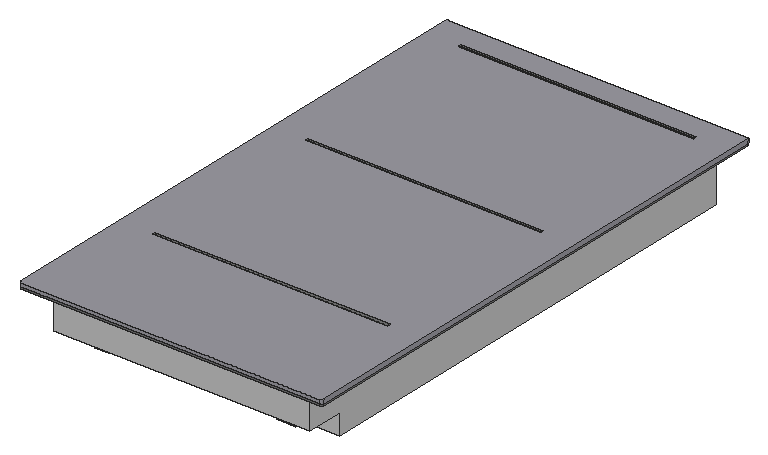
Revit family "FP-Revit19-en-CI302DG1-CI392DG1-CI392DTTG1-CI604DTTG1-CI764DTTG1-CI905DTTG1-InductionCooktop-0-90003216A-AU-NZ-UK-IE-CN-SG-ASIA", category Specialty Equipment, Revit 2019
Family settings
  Round Connector Dimension = Use Diameter
  Part Type = Normal
  OmniClass Number = 23.40.40.14.17.11
  OmniClass Title = Cookers, Ovens, Stoves
  Work Plane-Based = No
  Always vertical = Yes
  Cut with Voids When Loaded = Yes
  Shared = No
  Room Calculation Point = No
Parameters (values of type "CI302DG1")
  Visibility - Power Flex Large = no
  Visibility - Power Flex Small = yes
  Visibility - Power Conduit US-CA = no
  Visibility - Clearance Required = yes
  Visibility - Touchscreen = no
  Recess - Depth = 6.5 mm  # constant formula
  Product - Height = ([Chassis - Height]) + 5.5 mm  # 61.5 mm
  Product - Width = 300 mm
  Product - Depth = 530 mm  # constant formula
  Model = "CI302DG1"
  Material - Graphics = Fisher & Paykel - Grey, Charcoal
  Material - Display Panel = Fisher & Paykel - Grey, Charcoal
  Material - Cooktop = Fisher & Paykel - Glass, Grey
  Material - Body = Fisher & Paykel - Grey
  Manufacturer = "Fisher & Paykel Appliances Ltd"  # constant formula
  Graphics - 90/36 = no
  Graphics - 76/30 = no
  Graphics - 60/24 = no
  Graphics - 39/17 = no
  Graphics - 30/15 = yes
  Description = "30cm, 2 Zone Induction Cooktop, Grey"
  Countertop - Height [instance] = 900 mm
  Connector Description - Electrical = "220-240V, 50Hz, 20A"
  Clearance - Side Combustible = 27 mm  # constant formula
  Clearance - Rear Combustible = 20 mm  # constant formula
  Clearance - Overhead Rangehood = 650 mm  # constant formula
  Clearance - Overhead Non-Combustible = 450 mm  # constant formula
  Chassis - Width = 254 mm
  Chassis - Height = 56 mm  # constant formula
  Chassis - Depth = 504 mm  # constant formula
  Cavity - Width = 262 mm
  Cavity - Height = 72 mm
  Cavity - Depth (Proud Mount) = 507 mm  # constant formula
  Cavity - Depth (Flush Mount) = 509 mm  # constant formula
Types (7, lengths in mm): name | Visibility - Power Flex Large | Visibility - Power Flex Small | Visibility - Touchscreen | Product - Width | Model | Material - Cooktop | Graphics - 90/36 | Graphics - 76/30 | Graphics - 60/24 | Graphics - 39/17 | Graphics - 30/15 | Description | Connector Description - Electrical | Chassis - Width | Cavity - Width
  CI905DTTB1 | yes | no | yes | 900 | "CI905DTTB1" | Fisher & Paykel - Glass, Black | yes | no | no | no | no | "90cm, 5 Zone Induction Cooktop, Black, Touchscreen" | "220-240V, 50Hz, 50A" | 854 | 862
  CI302DG1 | no | yes | no | 300 | "CI302DG1" | Fisher & Paykel - Glass, Grey | no | no | no | no | yes | "30cm, 2 Zone Induction Cooktop, Grey" | "220-240V, 50Hz, 20A" | 254 | 262
  CI392DG1 | no | yes | no | 385 | "CI392DG1" | Fisher & Paykel - Glass, Grey | no | no | no | yes | no | "39cm, 2 Zone Induction Cooktop, Grey" | "220-240V, 50Hz, 20A" | 334 | 347
  CI392DTTG1 | no | yes | yes | 385 | "CI392DTTB1" | Fisher & Paykel - Glass, Grey | no | no | no | yes | no | "39cm, 2 Zone Induction Cooktop, Grey, Touchscreen" | "220-240V, 50Hz, 20A" | 334 | 347
  CI604DTTG1 | yes | no | yes | 600 | "CI604DTTB1" | Fisher & Paykel - Glass, Grey | no | no | yes | no | no | "60cm, 4 Zone Induction Cooktop, Grey, Touchscreen" | "220-240V, 50Hz, 35A" | 554 | 562
  CI764DTTG1 | yes | no | yes | 760 | "CI764DTTB1" | Fisher & Paykel - Glass, Grey | no | yes | no | no | no | "76cm, 4 Zone Induction Cooktop, Grey, Touchscreen" | "220-240V, 50Hz, 35A" | 714 | 722
  CI905DTTG1 | yes | no | yes | 900 | "CI905DTTG1" | Fisher & Paykel - Glass, Grey | yes | no | no | no | no | "90cm, 5 Zone Induction Cooktop, Grey, Touchscreen" | "220-240V, 50Hz, 50A" | 854 | 862
Reference planes
  plane 1 "Front": y = 0
  plane 2: z = 0
  plane 3 "Center (Left/Right)": x = 0
  plane 4 "Product - LHS": x = -150
  plane 5 "Clearance - LHS": x = -158
  plane 6 "Product - RHS": x = 150
  plane 7 "Clearance - RHS": x = 158
  plane 8 "Tape": z = 894.5
  plane 9 "Product - Height": z = 900
  plane 10 "Cavity - Height": z = 828
  plane 11 "Chassis Base": z = 838.5
  plane 12 "Product - Depth": y = 530
  plane 13 "Cavity - LHS": x = -131
  plane 14 "Cavity - RHS": x = 131
  plane 15 "Mounting Flange": z = 896
  plane 16 "Clearance - Rear": y = 539.5
  plane 17 "Clearance - Overhead Rangehood": z = 1550
  plane 18 "Clearance - Non-Combustible": z = 1350
  plane 19 "Graphics": z = 900.2
  plane 20 "2mm Offset LHS": x = -152
  plane 21 "2mm Offset RHS": x = 152
  plane 22 "Cable": x = 97
  plane 23 "Recess 6.5mm": z = 893.5
  plane 24 "Chassis LHS": x = -127
  plane 25 "Chassis RHS": x = 127
  plane 26 "Chassis - Front": y = 13.5
  plane 27 "Chassis - Depth": y = 517.5
  plane 28 "Centre": y = 265
  plane 29 "Cavity - Rear": y = 519.5
  plane 30 "Cavity - Front": y = 10.5
Forms (mm)
  Extrusion 1, solid, material "Fisher & Paykel - Glass, Grey" <- "Material - Cooktop"
    sketch origin (0, 0, 0) x (1, 0, 0) y (0, 1, 0)
      loop
        arc (-148, 530) -> (-149.414, 529.414) -> (-150, 528) r 2
        line (-150, 528) -> (-150, 2)
        arc (-150, 2) -> (-149.414, 0.586) -> (-148, 0) r 2
        line (-148, 0) -> (148, 0)
        arc (148, 0) -> (149.414, 0.586) -> (150, 2) r 2
        line (150, 2) -> (150, 528)
        arc (150, 528) -> (149.414, 529.414) -> (148, 530) r 2
        line (148, 530) -> (-148, 530)
    from 896 to 900
  Extrusion 2, solid, material "Fisher & Paykel - Grey" <- "Material - Body"
    sketch origin (0, -179.489, 0) x (1, 0, 0) y (0, 1, 0)
      loop
        line (-127, 696.989) -> (-127, 192.989) -> (127, 192.989) -> (127, 696.989) -> (-127, 696.989)
    from 838.5 to 894.5
  Extrusion 3, solid, material "Fisher & Paykel - Grey" <- "Material - Body"
    sketch origin (0, 0, 0) x (1, 0, 0) y (0, 1, 0)
      loop
        line (-137, 523) -> (-137, 7) -> (137, 7) -> (137, 523) -> (-137, 523)
    from 894.5 to 896
  Extrusion 4, solid, material "Fisher & Paykel - Grey, Charcoal" <- "Material - Display Panel", visible <- "Visibility - Touchscreen", detail levels fine
    sketch origin (0, 0, 0) x (1, 0, 0) y (0, 1, 0)
      loop
        line (-66.5, 87) -> (-66.5, 25) -> (66.5, 25) -> (66.5, 87) -> (-66.5, 87)
    from 896 to 900.2
  Extrusion 5, solid, material "Fisher & Paykel - Clearance Required (Cutout)", visible <- "Visibility - Clearance Required", detail levels coarse
    sketch origin (0, 0, 0) x (0, 1, 0) y (0, 0, 1)
      loop
        line (10.5, 894.5) -> (10.5, 828) -> (519.5, 828) -> (519.5, 894.5) -> (10.5, 894.5)
    from -131 to 131
  Extrusion 6, solid, material "Fisher & Paykel - Clearance Required (Non-Combustible)", visible <- "Visibility - Clearance Required", detail levels coarse
    sketch origin (0, 0, 0) x (1, 0, 0) y (0, 1, 0)
      loop
        line (-158, 539.5) -> (-158, 0) -> (158, 0) -> (158, 539.5) -> (-158, 539.5)
    from 900 to 1350
  Extrusion 7, solid, material "Fisher & Paykel - Clearance Required (Combustible)", visible <- "Visibility - Clearance Required", detail levels coarse
    sketch origin (0, 0, 0) x (1, 0, 0) y (0, 1, 0)
      loop
        line (-158, 539.5) -> (-158, 0) -> (158, 0) -> (158, 539.5) -> (-158, 539.5)
    from 1350 to 1550
  Extrusion 8, solid, material "Fisher & Paykel - Grey, Charcoal" <- "Material - Graphics", visible <- "Graphics - 90/36", detail levels fine
    sketch origin (0, 0, 0) x (1, 0, 0) y (0, 1, 0)
      loop
        line (-703.25, 316.098) -> (-703.25, 313.598) -> (-470.75, 313.598) -> (-470.75, 316.098) -> (-703.25, 316.098)
      loop
        line (-703.25, 126.248) -> (-703.25, 123.748) -> (-470.75, 123.748) -> (-470.75, 126.248) -> (-703.25, 126.248)
      loop
        line (-703.25, 505.249) -> (-703.25, 502.749) -> (-470.75, 502.749) -> (-470.75, 505.249) -> (-703.25, 505.249)
      loop
        line (97.25, 316.098) -> (-135.25, 316.098) -> (-135.25, 313.598) -> (97.25, 313.598) -> (97.25, 316.098)
      loop
        line (97.25, 126.248) -> (-135.25, 126.248) -> (-135.25, 123.748) -> (97.25, 123.748) -> (97.25, 126.248)
      loop
        line (97.25, 505.249) -> (-135.25, 505.249) -> (-135.25, 502.749) -> (97.25, 502.749) -> (97.25, 505.249)
      loop
        circle (-303, 313.598) r 99.029
      loop
        circle (-303, 313.598) r 101.36
      loop
        circle (-303, 313.598) r 142.07
      loop
        circle (-303, 313.598) r 144.628
    from 896 to 900.2
  Extrusion 9, solid, material "Fisher & Paykel - Grey, Charcoal" <- "Material - Graphics", visible <- "Graphics - 30/15", detail levels fine
    sketch origin (0, 0, 0) x (1, 0, 0) y (0, 1, 0)
      loop
        line (-116.25, 316.098) -> (-116.25, 313.598) -> (116.25, 313.598) -> (116.25, 316.098) -> (-116.25, 316.098)
      loop
        line (-116.25, 126.249) -> (-116.25, 123.749) -> (116.25, 123.749) -> (116.25, 126.249) -> (-116.25, 126.249)
      loop
        line (-116.25, 505.249) -> (-116.25, 502.749) -> (116.25, 502.749) -> (116.25, 505.249) -> (-116.25, 505.249)
    from 896 to 900.2
  Extrusion 10, solid, material "Fisher & Paykel - Grey, Charcoal" <- "Material - Graphics", visible <- "Graphics - 60/24", detail levels fine
    sketch origin (0, 0, 0) x (1, 0, 0) y (0, 1, 0)
      loop
        line (-250.25, 316.098) -> (-250.25, 313.598) -> (-24.75, 313.598) -> (-24.75, 316.098) -> (-250.25, 316.098)
      loop
        line (-250.25, 126.249) -> (-250.25, 123.749) -> (-24.75, 123.749) -> (-24.75, 126.249) -> (-250.25, 126.249)
      loop
        line (-250.25, 505.249) -> (-250.25, 502.749) -> (-24.75, 502.749) -> (-24.75, 505.249) -> (-250.25, 505.249)
      loop
        line (250.25, 316.098) -> (24.75, 316.098) -> (24.75, 313.598) -> (250.25, 313.598) -> (250.25, 316.098)
      loop
        line (250.25, 126.249) -> (24.75, 126.249) -> (24.75, 123.749) -> (250.25, 123.749) -> (250.25, 126.249)
      loop
        line (250.25, 505.249) -> (24.75, 505.249) -> (24.75, 502.749) -> (250.25, 502.749) -> (250.25, 505.249)
    from 896 to 900.2
  Extrusion 11, solid, material "Fisher & Paykel - Grey, Charcoal" <- "Material - Graphics", visible <- "Graphics - 76/30", detail levels fine
    sketch origin (0, 0, 0) x (1, 0, 0) y (0, 1, 0)
      loop
        line (330.25, 316.098) -> (99.75, 316.098) -> (99.75, 313.598) -> (330.25, 313.598) -> (330.25, 316.098)
      loop
        line (330.25, 126.248) -> (99.75, 126.248) -> (99.75, 123.748) -> (330.25, 123.748) -> (330.25, 126.248)
      loop
        line (330.25, 505.248) -> (99.75, 505.248) -> (99.75, 502.749) -> (330.25, 502.749) -> (330.25, 505.248)
      loop
        circle (-200, 258.2) r 140
      loop
        circle (-14.494, 412.848) r 85
      loop
        circle (-14.494, 412.848) r 83
      loop
        circle (-200, 258.2) r 138.038
    from 896 to 900.2
  Extrusion 12, solid, material "Fisher & Paykel - Grey, Charcoal" <- "Material - Graphics", visible <- "Graphics - 39/17", detail levels fine
    sketch origin (0, 0, 0) x (1, 0, 0) y (0, 1, 0)
      loop
        line (-142.75, 505.254) -> (-142.75, 502.754) -> (142.75, 502.754) -> (142.75, 505.254) -> (-142.75, 505.254)
      loop
        line (-142.75, 316.098) -> (-142.75, 313.598) -> (142.75, 313.598) -> (142.75, 316.098) -> (-142.75, 316.098)
      loop
        line (-142.75, 126.249) -> (-142.75, 123.749) -> (142.75, 123.749) -> (142.75, 126.249) -> (-142.75, 126.249)
    from 896 to 900.2
  Extrusion 13, void
    sketch origin (0, 0, 0) x (1, 0, 0) y (0, 1, 0)
      loop
        arc (-148, 532) -> (-150.828, 530.828) -> (-152, 528) r 4
        line (-152, 528) -> (-152, 2)
        arc (-152, 2) -> (-150.828, -0.828) -> (-148, -2) r 4
        line (-148, -2) -> (148, -2)
        arc (148, -2) -> (150.828, -0.828) -> (152, 2) r 4
        line (152, 2) -> (152, 528)
        arc (152, 528) -> (150.828, 530.828) -> (148, 532) r 4
        line (148, 532) -> (-148, 532)
    from 893.5 to 900
  Extrusion 14, solid, material "Fisher & Paykel - Grey, Charcoal"
    sketch origin (0, 0, 0) x (1, 0, 0) y (0, 1, 0)
      loop
        arc (-148, 530) -> (-149.414, 529.414) -> (-150, 528) r 2
        line (-150, 528) -> (-150, 2)
        arc (-150, 2) -> (-149.414, 0.586) -> (-148, 0) r 2
        line (-148, 0) -> (148, 0)
        arc (148, 0) -> (149.414, 0.586) -> (150, 2) r 2
        line (150, 2) -> (150, 528)
        arc (150, 528) -> (149.414, 529.414) -> (148, 530) r 2
        line (148, 530) -> (-148, 530)
      loop
        line (-145, 525) -> (-145, 5) -> (145, 5) -> (145, 525) -> (-145, 525)
    from 894.5 to 896
  Extrusion 15, solid, material "Fisher & Paykel - Grey" <- "Material - Body", visible <- "Visibility - Power Flex Small"
    sketch origin (0, 0, 0) x (1, 0, 0) y (0, 1, 0)
      loop
        circle (97, 512) r 4
    from 828 to 838.5
  Extrusion 16, void
    sketch origin (0, 0, 0) x (0, 1, 0) y (0, 0, 1)
      loop
        line (13.5, 838.5) -> (50.5, 838.5) -> (50.5, 858.5) -> (13.5, 858.5) -> (13.5, 838.5)
    from -131 to 131
  Sweep 17, solid, material "Fisher & Paykel - Grey" <- "Material - Body", visible <- "Visibility - Power Flex Large"
    path origin (97, 0, 0) x (0, -1, 0) y (0, 0, 1)
      loop
        arc (-523.932, 815.5) -> (-500.264, 821.519) -> (-482.714, 838.5) r 47.507
        line (-482.714, 838.5) -> (-480.135, 842.784)
    profile origin (97, 500.264, 821.519) x (0, 0.487278, 0.873247) y (-1, 0, 0)
      loop
        circle (0, 0) r 6
  Extrusion 18, solid, material "Fisher & Paykel - Grey" <- "Material - Body", visible <- "Visibility - Power Flex Large"
    sketch origin (0, 0, 0) x (1, 0, 0) y (0, 1, 0)
      loop
        circle (97, 482.308) r 15
      loop
        circle (97, 482.308) r 8.004
    from 837.5 to 838.5
  Extrusion 19, solid, material "Fisher & Paykel - Grey" <- "Material - Body", detail levels fine
    sketch origin (0, 0, 0) x (1, 0, 0) y (0, 0, 1)
      loop
        line (-98.5, 858.5) -> (-98.5, 846.5) -> (-84.5, 846.5) -> (-84.5, 858.5) -> (-98.5, 858.5)
      loop
        line (101, 846.5) -> (101, 858.5) -> (82, 858.5) -> (82, 846.5) -> (101, 846.5)
    from -50.5 to -29.5
Cuts and joins
  Extrusion 16 cuts Extrusion 2
Text (mm)
  text "Due to ongoing product development, product details are subject to change without notice. \nPlease always refer to www.fisherpaykel.com for the most current product information. \n© Fisher & Paykel 2020" at (110.713, -119.621, 0), in view "Ref. Level"
Dimensions and locks
  equal spacing: plane 4 "Product - LHS", plane 3 "Center (Left/Right)", plane 6 "Product - RHS"
  equal spacing: plane 5 "Clearance - LHS", plane 3 "Center (Left/Right)", plane 7 "Clearance - RHS"
  "Product - Width": plane 4 "Product - LHS" to plane 6 "Product - RHS"
  equal spacing: plane 13 "Cavity - LHS", plane 3 "Center (Left/Right)", plane 14 "Cavity - RHS"
  "Cavity - Width": plane 13 "Cavity - LHS" to plane 14 "Cavity - RHS"
  equal spacing: Extrusion 2, plane 3 "Center (Left/Right)", Extrusion 2
  equal spacing: Extrusion 3 sketch curve, plane 3 "Center (Left/Right)", Extrusion 3 sketch curve
  locked: plane 4 "Product - LHS" to Extrusion 3 sketch curve at 13
  equal spacing: Extrusion 4 sketch curve, plane 3 "Center (Left/Right)", Extrusion 4 sketch curve
  locked: plane 1 "Front" to Extrusion 4 sketch curve at 25
  locked: Extrusion 4 sketch curve to Extrusion 4 sketch curve at 62
  "Chassis - Height": plane 8 "Tape" to plane 11 "Chassis Base"
  locked: plane 12 "Product - Depth" to Extrusion 3 sketch curve at 7
  locked: plane 1 "Front" to Extrusion 3 sketch curve at 7
  locked: plane 8 "Tape" to plane 15 "Mounting Flange" at 1.5
  locked: plane 9 "Product - Height" to plane 8 "Tape" at 5.5
  "Clearance - Overhead Non-Combustible": plane 18 "Clearance - Non-Combustible" to plane 9 "Product - Height"
  "Clearance - Overhead Rangehood": plane 17 "Clearance - Overhead Rangehood" to plane 9 "Product - Height"
  "Clearance - Side Combustible": plane 5 "Clearance - LHS" to plane 13 "Cavity - LHS"
  locked: Extrusion 4 sketch curve to Extrusion 4 sketch curve at 133
  locked: Extrusion 9 sketch curve to plane 3 "Center (Left/Right)" at 116.25
  locked: plane 3 "Center (Left/Right)" to Extrusion 9 sketch curve at 116.25
  locked: plane 3 "Center (Left/Right)" to Extrusion 11 sketch curve at 99.75
  locked: plane 3 "Center (Left/Right)" to Extrusion 11 sketch curve at 330.25
  locked: Extrusion 11 sketch curve to plane 3 "Center (Left/Right)" at 200
  locked: Extrusion 11 sketch curve to plane 3 "Center (Left/Right)" at 14.494
  locked: Extrusion 10 sketch curve to plane 3 "Center (Left/Right)" at 24.75
  locked: plane 3 "Center (Left/Right)" to Extrusion 10 sketch curve at 24.75
  locked: Extrusion 10 sketch curve to plane 3 "Center (Left/Right)" at 250.25  (x3)
  locked: plane 3 "Center (Left/Right)" to Extrusion 10 sketch curve at 250.25
  locked: Extrusion 12 sketch curve to plane 3 "Center (Left/Right)" at 142.75  (x3)
  locked: plane 3 "Center (Left/Right)" to Extrusion 12 sketch curve at 142.75  (x3)
  equal spacing: Extrusion 13 sketch curve, plane 3 "Center (Left/Right)", Extrusion 13 sketch curve
  locked: Extrusion 13 sketch curve to plane 4 "Product - LHS" at 2
  locked: Extrusion 13 sketch curve to plane 1 "Front" at 2
  locked: Extrusion 13 sketch curve to plane 12 "Product - Depth" at 2
  equal spacing: plane 20 "2mm Offset LHS", plane 3 "Center (Left/Right)", plane 21 "2mm Offset RHS"
  locked: plane 20 "2mm Offset LHS" to plane 4 "Product - LHS" at 2
  locked: plane 15 "Mounting Flange" to plane 19 "Graphics" at 4.2
  "Countertop - Height": plane 9 "Product - Height" to level
  locked: plane 1 "Front" to Extrusion 14 sketch curve at 5
  equal spacing: Extrusion 14 sketch curve, plane 3 "Center (Left/Right)", Extrusion 14 sketch curve
  locked: plane 4 "Product - LHS" to Extrusion 14 sketch curve at 5
  locked: plane 12 "Product - Depth" to Extrusion 14 sketch curve at 5
  plane 1 "Front" to Extrusion 15 sketch curve = 512 mm
  plane 3 "Center (Left/Right)" to Extrusion 15 sketch curve = 97 mm
  locked: plane 22 "Cable" to plane 6 "Product - RHS" at 53
  locked: plane 8 "Tape" to cut or joined group of Extrusion 2, Extrusion 16 at 36
  locked: plane 11 "Chassis Base" to Extrusion 18 at 1
  locked: Extrusion 19 to plane 8 "Tape" at 48
  "Recess - Depth": plane 9 "Product - Height" to plane 23 "Recess 6.5mm"
  equal spacing: plane 24 "Chassis LHS", plane 3 "Center (Left/Right)", plane 25 "Chassis RHS"
  locked: plane 1 "Front" to plane 26 "Chassis - Front" at 13.5
  "Chassis - Depth": plane 27 "Chassis - Depth" to plane 26 "Chassis - Front"
  locked: Extrusion 19 to plane 24 "Chassis LHS" at 28.5
  locked: Extrusion 19 to plane 24 "Chassis LHS" at 42.5
  locked: plane 25 "Chassis RHS" to Extrusion 19 at 26
  locked: plane 25 "Chassis RHS" to Extrusion 19 at 45
  "Chassis - Width": plane 24 "Chassis LHS" to plane 25 "Chassis RHS"
  "Cavity - Height": plane 9 "Product - Height" to plane 10 "Cavity - Height"
  "Product - Depth": plane 1 "Front" to plane 12 "Product - Depth"
  locked: plane 1 "Front" to plane 28 "Centre" at 265
  equal spacing: plane 30 "Cavity - Front", plane 28 "Centre", plane 29 "Cavity - Rear"
  "Cavity - Depth (Flush Mount)": plane 30 "Cavity - Front" to plane 29 "Cavity - Rear"
  diameter of Extrusion 11 sketch curve = 280 mm
  aligned and locked: level to plane 2
  aligned and locked: Extrusion 1 sketch curve to plane 12 "Product - Depth"
  aligned and locked: Extrusion 1 sketch curve to plane 4 "Product - LHS"
  aligned and locked: Extrusion 1 sketch curve to plane 1 "Front"
  aligned and locked: plane 6 "Product - RHS" to Extrusion 1 sketch curve
  aligned and locked: plane 9 "Product - Height" to Extrusion 1
  aligned and locked: Extrusion 3 to Extrusion 1
  aligned and locked: Extrusion 1 to Extrusion 4
  aligned and locked: Extrusion 3 to plane 8 "Tape"
  aligned and locked: plane 8 "Tape" to Extrusion 2
  aligned and locked: Extrusion 2 to plane 11 "Chassis Base"
  aligned and locked: plane 15 "Mounting Flange" to Extrusion 1
  aligned and locked: Extrusion 3 to plane 15 "Mounting Flange"
  aligned and locked: plane 15 "Mounting Flange" to Extrusion 4
  aligned and locked: plane 10 "Cavity - Height" to Extrusion 5 sketch curve
  aligned and locked: plane 8 "Tape" to Extrusion 5
  aligned and locked: Extrusion 5 to plane 13 "Cavity - LHS"
  aligned and locked: plane 14 "Cavity - RHS" to Extrusion 5
  aligned and locked: Extrusion 6 sketch curve to plane 16 "Clearance - Rear"
  aligned and locked: Extrusion 6 sketch curve to plane 5 "Clearance - LHS"
  aligned and locked: Extrusion 6 sketch curve to plane 1 "Front"
  aligned and locked: plane 7 "Clearance - RHS" to Extrusion 6 sketch curve
  aligned and locked: Extrusion 6 to plane 9 "Product - Height"
  aligned and locked: plane 18 "Clearance - Non-Combustible" to Extrusion 6
  aligned and locked: plane 5 "Clearance - LHS" to Extrusion 7
  aligned and locked: Extrusion 7 to plane 7 "Clearance - RHS"
  aligned and locked: plane 16 "Clearance - Rear" to Extrusion 7
  aligned and locked: Extrusion 7 to Extrusion 6
  aligned and locked: plane 17 "Clearance - Overhead Rangehood" to Extrusion 7
  aligned and locked: plane 19 "Graphics" to Extrusion 4
  aligned and locked: plane 19 "Graphics" to Extrusion 8
  aligned and locked: plane 19 "Graphics" to Extrusion 9
  aligned and locked: Extrusion 9 to Extrusion 9  (x2)
  aligned and locked: plane 19 "Graphics" to Extrusion 10
  aligned and locked: plane 19 "Graphics" to Extrusion 11
  aligned and locked: Extrusion 11 to Extrusion 11  (x4)
  aligned and locked: Extrusion 10 to Extrusion 10  (x6)
  aligned and locked: plane 19 "Graphics" to Extrusion 12
  aligned and locked: plane 15 "Mounting Flange" to Extrusion 11
  aligned and locked: plane 15 "Mounting Flange" to Extrusion 8
  aligned and locked: plane 15 "Mounting Flange" to Extrusion 9
  aligned and locked: plane 15 "Mounting Flange" to Extrusion 12
  aligned and locked: plane 15 "Mounting Flange" to Extrusion 10
  aligned and locked: plane 9 "Product - Height" to Extrusion 13
  aligned and locked: plane 6 "Product - RHS" to Extrusion 14 sketch curve
  aligned and locked: Extrusion 14 sketch curve to plane 1 "Front"
  aligned and locked: Extrusion 14 sketch curve to plane 12 "Product - Depth"
  aligned and locked: Extrusion 14 sketch curve to plane 4 "Product - LHS"
  aligned and locked: plane 8 "Tape" to Extrusion 14
  aligned and locked: Extrusion 14 to plane 15 "Mounting Flange"
  aligned and locked: plane 11 "Chassis Base" to Extrusion 15
  aligned and locked: Extrusion 15 to plane 10 "Cavity - Height"
  aligned and locked: Extrusion 16 to plane 13 "Cavity - LHS"
  aligned and locked: plane 14 "Cavity - RHS" to Extrusion 16
  aligned and locked: plane 11 "Chassis Base" to Extrusion 18
  aligned and locked: cut or joined group of Extrusion 2, Extrusion 16 to Extrusion 19  (x3)
  aligned and locked: plane 23 "Recess 6.5mm" to Extrusion 13
  aligned and locked: plane 24 "Chassis LHS" to cut or joined group of Extrusion 2, Extrusion 16
  aligned and locked: Extrusion 2 to plane 24 "Chassis LHS"
  aligned and locked: plane 25 "Chassis RHS" to Extrusion 2
  aligned and locked: plane 26 "Chassis - Front" to cut or joined group of Extrusion 2, Extrusion 16
  aligned and locked: plane 27 "Chassis - Depth" to cut or joined group of Extrusion 2, Extrusion 16
  aligned and locked: plane 30 "Cavity - Front" to Extrusion 5
  aligned and locked: plane 29 "Cavity - Rear" to Extrusion 5
Automatic sketch dimensions
  Extrusion 1 sketch curve to plane 4 "Product - LHS" = 0 mm
  Extrusion 1 sketch curve to plane 4 "Product - LHS" = 2 mm  (x2)
  Extrusion 1 sketch curve to Extrusion 1 sketch curve = 2 mm
  plane 6 "Product - RHS" to Extrusion 1 sketch curve = 2 mm
  Extrusion 1 sketch curve to plane 12 "Product - Depth" = 2 mm
  plane 13 "Cavity - LHS" to Extrusion 2 sketch curve = 4 mm
  Extrusion 2 sketch curve to plane 14 "Cavity - RHS" = 4 mm
  Extrusion 5 sketch curve to plane 8 "Tape" = 0 mm
  plane 1 "Front" to Extrusion 7 sketch curve = 0 mm
  plane 5 "Clearance - LHS" to Extrusion 7 sketch curve = 0 mm
  Extrusion 7 sketch curve to plane 7 "Clearance - RHS" = 0 mm
  plane 16 "Clearance - Rear" to Extrusion 7 sketch curve = 0 mm
  Extrusion 9 sketch curve to plane 3 "Center (Left/Right)" = 116.25 mm  (x2)
  plane 7 "Clearance - RHS" to Extrusion 9 sketch curve = 41.75 mm  (x2)
  Extrusion 9 sketch curve to Extrusion 9 sketch curve = 2.5 mm  (x3)
  Extrusion 9 sketch curve to Extrusion 9 sketch curve = 187.349 mm
  Extrusion 11 sketch curve to Extrusion 11 sketch curve = 0 mm  (x6)
  plane 3 "Center (Left/Right)" to Extrusion 11 sketch curve = 99.75 mm  (x2)
  plane 14 "Cavity - RHS" to Extrusion 11 sketch curve = 199.25 mm  (x2)
  Extrusion 11 sketch curve to Extrusion 11 sketch curve = 186.651 mm
  Extrusion 11 sketch curve to Extrusion 11 sketch curve = 2.5 mm  (x3)
  Extrusion 11 sketch curve to Extrusion 11 sketch curve = 154.648 mm
  Extrusion 10 sketch curve to plane 3 "Center (Left/Right)" = 24.75 mm  (x2)
  plane 3 "Center (Left/Right)" to Extrusion 10 sketch curve = 24.75 mm  (x2)
  plane 14 "Cavity - RHS" to Extrusion 10 sketch curve = 119.25 mm  (x2)
  Extrusion 10 sketch curve to Extrusion 10 sketch curve = 2.5 mm  (x6)
  Extrusion 10 sketch curve to Extrusion 10 sketch curve = 186.651 mm  (x2)
  Extrusion 10 sketch curve to Extrusion 10 sketch curve = 0 mm  (x2)
  Extrusion 12 sketch curve to Extrusion 12 sketch curve = 2.5 mm  (x3)
  Extrusion 12 sketch curve to Extrusion 12 sketch curve = 187.349 mm
  Extrusion 13 sketch curve to plane 1 "Front" = 2 mm  (x2)
  Extrusion 13 sketch curve to plane 4 "Product - LHS" = 2 mm  (x2)
  Extrusion 13 sketch curve to plane 12 "Product - Depth" = 2 mm
  Extrusion 2 sketch curve to plane 12 "Product - Depth" = 12.5 mm
  Extrusion 5 sketch curve to plane 12 "Product - Depth" = 10.5 mm
  Extrusion 9 sketch curve to plane 12 "Product - Depth" = 27.251 mm
  Extrusion 10 sketch curve to Extrusion 10 sketch curve = 187.349 mm
  Extrusion 11 sketch curve to Extrusion 11 sketch curve = 187.349 mm
  Extrusion 12 sketch curve to plane 12 "Product - Depth" = 27.246 mm
  Extrusion 2 sketch curve to plane 1 "Front" = 13.5 mm
  Extrusion 5 sketch curve to plane 1 "Front" = 10.5 mm
  Extrusion 9 sketch curve to Extrusion 9 sketch curve = 186.651 mm
  Extrusion 10 sketch curve to plane 1 "Front" = 123.749 mm
  Extrusion 11 sketch curve to plane 1 "Front" = 123.748 mm
  Extrusion 11 sketch curve to plane 1 "Front" = 258.2 mm
  Extrusion 12 sketch curve to Extrusion 12 sketch curve = 186.656 mm
  Extrusion 14 sketch curve to plane 4 "Product - LHS" = 2 mm
  Extrusion 14 sketch curve to plane 1 "Front" = 2 mm  (x2)
  plane 6 "Product - RHS" to Extrusion 14 sketch curve = 2 mm
  Extrusion 14 sketch curve to plane 12 "Product - Depth" = 2 mm
  Extrusion 8 sketch curve to Extrusion 8 sketch curve = 0 mm  (x20)
  plane 7 "Clearance - RHS" to Extrusion 8 sketch curve = 861.25 mm
  Extrusion 8 sketch curve to Extrusion 8 sketch curve = 232.5 mm  (x3)
  Extrusion 8 sketch curve to Extrusion 8 sketch curve = 167.75 mm
  Extrusion 8 sketch curve to Extrusion 8 sketch curve = 167.751 mm
  Extrusion 8 sketch curve to Extrusion 8 sketch curve = 189.151 mm
  Extrusion 8 sketch curve to Extrusion 8 sketch curve = 2.5 mm  (x6)
  Extrusion 16 sketch curve to plane 11 "Chassis Base" = 0 mm
  Extrusion 16 sketch curve to Extrusion 16 sketch curve = 37 mm
  Extrusion 16 sketch curve to Extrusion 16 sketch curve = 20 mm
  Extrusion 8 sketch curve to plane 1 "Front" = 126.248 mm  (x2)
  Extrusion 16 sketch curve to plane 1 "Front" = 13.5 mm
  Extrusion 8 sketch curve to plane 12 "Product - Depth" = 216.402 mm
  Extrusion 8 sketch curve to Extrusion 8 sketch curve = 187.35 mm
  Extrusion 8 sketch curve to plane 12 "Product - Depth" = 27.251 mm
  Sweep 17 sketch curve to plane 22 "Cable" = 0 mm
  profile plane to Sweep 17 sketch curve = 0 mm
  Sweep 17 sketch curve to plane 11 "Chassis Base" = 0 mm
  plane 11 "Chassis Base" to Sweep 17 sketch curve = 24.504 mm
  plane 11 "Chassis Base" to Sweep 17 sketch curve = 4.284 mm
  Sweep 17 sketch curve to Sweep 17 sketch curve = 2.579 mm
  Extrusion 18 sketch curve to Extrusion 18 sketch curve = 0 mm  (x3)
  Extrusion 18 sketch curve to plane 22 "Cable" = 0 mm
  plane 11 "Chassis Base" to Extrusion 19 sketch curve = 8 mm  (x2)
  plane 13 "Cavity - LHS" to Extrusion 19 sketch curve = 32.5 mm
  Extrusion 19 sketch curve to Extrusion 19 sketch curve = 14 mm
  plane 22 "Cable" to Extrusion 19 sketch curve = 15 mm
  Extrusion 19 sketch curve to plane 22 "Cable" = 4 mm
  Extrusion 19 sketch curve to Extrusion 19 sketch curve = 12 mm  (x2)
  Sweep 17 sketch curve to plane 27 "Chassis - Depth" = 5.913 mm
  plane 27 "Chassis - Depth" to Sweep 17 sketch curve = 34.786 mm
  Sweep 17 sketch curve to plane 12 "Product - Depth" = 6.068 mm
  plane 27 "Chassis - Depth" to Extrusion 18 sketch curve = 35.192 mm
  radius of Extrusion 11 sketch curve = 85 mm
  radius of Extrusion 11 sketch curve = 83 mm
  radius of Extrusion 11 sketch curve = 138.038 mm
  radius of Extrusion 8 sketch curve = 99.029 mm
  radius of Extrusion 8 sketch curve = 101.36 mm
  radius of Extrusion 8 sketch curve = 142.07 mm
  radius of Extrusion 8 sketch curve = 144.628 mm
  radius of Extrusion 15 sketch curve = 4 mm
  radius of Sweep 17 sketch curve = 6 mm
  radius of Extrusion 18 sketch curve = 15 mm
  radius of Extrusion 18 sketch curve = 8.004 mm
Connectors
  electrical at (97, 482.308, 837.5), driven by "Connector Description - Electrical"
    settings: on Extrusion 18, index 1, voltage 230 V, apparent load 0 VA, apparent load phase1 0 VA, apparent load phase2 0 VA, apparent load phase3 0 VA, power factor 1, load classification "Other", number of poles 1, system type 30, power factor state 1, is connector primary yes, connector utility no, sub classification motor no, connector description "220-240V, 50Hz, 20A"
